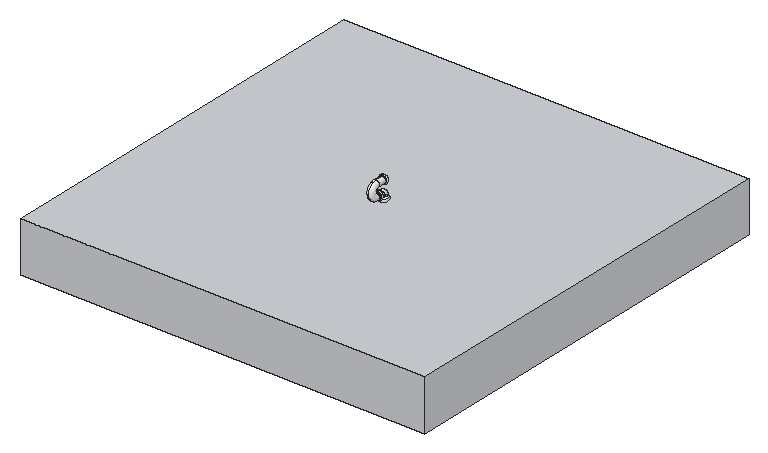
Revit family
Parameters (values of type "8089CNC")
  Waste Connection = yes
  Warranty Information = "15 Year Limited Warranty"
  WFU = 0
  Vent Connection = no
  URL = "http://products.mcguiremfg.com/"
  Type Comments = ""
  Specification = "P-trap shall be chrome plated cast brass body without cleanout, cast brass ground joint elbow and cast brass slip nut. No reducing washers. With (Shallow, deep, bell) (steel, brass) or (forged brass with set screw) flange. P-Trap shall be Mcguire 8089CNC. Trap shall be certified by CSA or other recognized testing authority. P-Trap shall bear manufacturer and testing mark. "
  Shipping Weight = "1.8 lbs"
  Product Page URL = "http://products.mcguiremfg.com/inventoryD.asp?item_no=8089CNC&CatId={2CD6C6E2-ACDF-48EB-909C-1B40A85DEF54}"
  Product Documentation Link = "http://products.mcguiremfg.com/pdf/8088_8089_8090_1207_1208.pdf"
  Price = "Prices may vary. Please consult Manufacturer Representative for most up-to-date price list."  # constant formula
  Outlet Radius = 3/4"
  Outlet Diameter = Outlet Radius * 2  # 1 1/2"
  Omniclass Table 23 Title = "Drains (Wastes)"  # constant formula
  Omniclass Table 23 Code = "23.45.55.21"  # constant formula
  Model = "8089CNC"
  Material = Cast Brass-McGuire-Chrome Plated
  Masterformat Title = "Sanitary Waste and Vent Piping"  # constant formula
  Masterformat Number = "22.12.00"  # constant formula
  Manufacturer = "McGuire "
  Length = 4 1/4"
  Inlet Radius = 5/8"
  Inlet Diameter = Inlet Radius * 2  # 1 1/4"
  Height = 5 3/8"
  HWFU = 0
  HW Connection = no
  Description = "1 1/2 x 1 1/2 IPS chrome finish with a steel shallow flange. Heavy cast brass adjustable trap with no cleanout plug. Furnished with cast brass ground joint elbow and slip nuts. 2 inch minimum water seal. Federal Spec. WWP-543"
  Default Elevation = 0"
  Creation Date = "01/28/2015"  # constant formula
  CWFU = 0
  CW Connection = no
  Assembly Code = "D2030100"
Reference planes (in)
  plane 1 "Center (Front/Back)": y = 0
  plane 2: z = 0
  plane 3 "Center (Left/Right)": x = 0
  plane 4: z = 4.25
  plane 5: z = 2.875
  plane 6: y = 0.75
  plane 7: y = -4.625
  plane 8: y = 0.375
Forms (in)
  Extrusion 1, solid
    sketch origin (0, 0, 0) x (1, 0, 0) y (0, 1, 0)
      loop
        line (-48, 48) -> (-48, -48) -> (48, -48) -> (48, 48) -> (-48, 48)
    from 0 to -12
  Sweep 2, solid, material "Cast Brass-McGuire-Chrome Plated" <- "Material"
    path origin (0, 0, -5.75) x (0, 0, -1) y (0, 1, 0)
      loop
        line (-7.25, -1.58173) -> (-7.25, -2.502)
        arc (-7.25, -2.502) -> (-8.625, -3.877) -> (-10, -2.502) r 1.375
        line (-10, -2.502) -> (-10, -0.1489)
    profile origin (0, -2.04186, 1.5) x (0, 0, -1) y (1, 0, 0)
      loop
        circle (0, 0) r 0.75
      loop
        circle (0, 0) r 0.6962
  Revolve 3, solid, material "Cast Brass-McGuire-Chrome Plated" <- "Material"
    sketch origin (0, 0, -5.85128) x (0, 0, -1) y (0, 1, 0)
      loop
        line (-5.85128, 0) -> (-5.85128, 0.75) -> (-6.35128, 0.75)
        arc (-6.35128, 0.75) -> (-6.70704, 0.66206) -> (-7.06763, 0.59667) r 5.82594
        line (-7.06763, 0.59667) -> (-7.06763, 0) -> (-5.85128, 0)
      axis (-7.06763, 0) -> (-5.85128, 0)
    angle from 0 to 360
  Revolve 4, solid, material "Cast Brass-McGuire-Chrome Plated" <- "Material"
    sketch origin (0, 0, 0.00107) x (0, 0, -1) y (0, 1, 0)
      loop
        line (-1.49865, -2.09319) -> (-0.65117, -2.09319) -> (-0.65117, -1.99152)
        arc (-0.65117, -1.99152) -> (-0.50844, -1.75024) -> (-0.72255, -1.56929) r 0.21715
        line (-0.72255, -1.56929) -> (-1.49865, -1.56929) -> (-1.49865, -2.09319)
      axis (-1.49865, -2.09319) -> (-1.49865, -1.56929)
    angle from 0 to 360
  Sweep 5, solid, material "Cast Brass-McGuire-Chrome Plated" <- "Material"
    path origin (0, 0, 0.00107) x (0, 0, -1) y (0, 1, 0)
      loop
        line (0.00107, 0) -> (-0.49893, 0)
        arc (-0.49893, 0) -> (-1.20604, -0.29289) -> (-1.49893, -1) r 1
        line (-1.49893, -1) -> (-1.49893, -2.09319)
    profile origin (0, 0, 0.25) x (0, -1, 0) y (1, 0, 0)
      loop
        circle (0, 0) r 0.75
  Revolve 6, solid, material "Cast Brass-McGuire-Chrome Plated" <- "Material"
    sketch origin (0, -0.375, 0.00107) x (0, 0, -1) y (0, 1, 0)
      loop
        line (-3.59773, -0.1489) -> (-3.40146, -0.1489) -> (-3.40146, -0.04723)
        arc (-3.40146, -0.04723) -> (-3.28227, 0.20266) -> (-3.49893, 0.375) r 0.22237
        line (-3.49893, 0.375) -> (-3.59773, 0.375) -> (-3.59773, -0.1489)
      axis (-4.24893, 0.375) -> (-4.24893, -0.1489)
    angle from 0 to 360
  Revolve 7, solid, material "Cast Brass-McGuire-Chrome Plated" <- "Material"
    sketch origin (0, 0.07031, 0) x (0, 1, 0) y (0, 0, 1)
      loop
        line (-0.25386, 0) -> (0.82033, 0) -> (0.82033, 0.47593) -> (0.58282, 0.79111) -> (-0.25386, 0.79111) -> (-0.25386, 0)
      axis (-0.25386, 0.79111) -> (-0.25386, 0)
    angle from 0 to 360
Cuts and joins
  joined: Sweep 2, Revolve 3, Revolve 4, Sweep 5, Revolve 6, Revolve 7
Lines and regions (in)
  Masking region 1
    outline origin (0, 0, 0.00107) x (0, 0, -1) y (0, 1, 0)
      loop
        line (0.00107, -1.25772) -> (0.00107, 0.89064) -> (-0.47487, 0.89064) -> (-0.70791, 0.72746) -> (-1.21528, 0.59667)
        arc (-1.21528, 0.59667) -> (-1.84203, 0.17113) -> (-2.2488, -0.46795) r 1.87188
        line (-2.2488, -0.46795) -> (-2.2488, -1.56925) -> (-2.28005, -1.56925)
        arc (-2.28005, -1.56925) -> (-2.49375, -1.75211) -> (-2.34613, -1.99152) r 0.21631
        line (-2.34613, -1.99152) -> (-2.34613, -2.09319) -> (-2.24893, -2.09319) -> (-2.24893, -2.49436)
        arc (-2.24893, -2.49436) -> (-2.87393, -3.11936) -> (-3.49893, -2.49436) r 0.625
        line (-3.49893, -2.49436) -> (-3.49893, -0.5239) -> (-3.40146, -0.5239) -> (-3.40146, -0.42223)
        arc (-3.40146, -0.42223) -> (-3.29634, -0.17559) -> (-3.49893, 0) r 0.2276
        line (-3.49893, 0) -> (-4.99893, 0)
        arc (-4.99893, 0) -> (-5.2017, -0.17555) -> (-5.09641, -0.42223) r 0.22752
        line (-5.09641, -0.42223) -> (-5.09641, -0.5239) -> (-4.99893, -0.5239) -> (-4.99893, -2.50052)
        arc (-4.99893, -2.50052) -> (-2.87393, -4.62552) -> (-0.74893, -2.50052) r 2.125
        line (-0.74893, -2.50052) -> (-0.74893, -2.09319) -> (-0.65117, -2.09319) -> (-0.65117, -1.99152)
        arc (-0.65117, -1.99152) -> (-0.50806, -1.75274) -> (-0.7174, -1.56925) r 0.21721
        line (-0.7174, -1.56925) -> (-0.74865, -1.56925) -> (-0.74865, -1.32022)
        arc (-0.74865, -1.32022) -> (-0.73035, -1.27603) -> (-0.68615, -1.25772) r 0.0625
        line (-0.68615, -1.25772) -> (0.00107, -1.25772)
  Masking region 2
    outline origin (0, 0, 0) x (1, 0, 0) y (0, 1, 0)
      loop
        line (-0.75, -2.09319) -> (-0.75, -3.87392)
        arc (-0.75, -3.87392) -> (0, -4.62392) -> (0.75, -3.87392) r 0.75
        line (0.75, -3.87392) -> (0.75, -2.09319) -> (0.84748, -2.09319) -> (0.84748, -1.99152)
        arc (0.84748, -1.99152) -> (0.98715, -1.73691) -> (0.75, -1.56929) r 0.21807
        line (0.75, -1.56929) -> (0.75, -0.78494)
        arc (0.75, -0.78494) -> (0, 1.125) -> (-0.75, -0.78494) r 1.10223
        line (-0.75, -0.78494) -> (-0.75, -1.56929)
        arc (-0.75, -1.56929) -> (-0.98715, -1.73691) -> (-0.84748, -1.99152) r 0.21807
        line (-0.84748, -1.99152) -> (-0.84748, -2.09319) -> (-0.75, -2.09319)
  Masking region 3
    outline origin (0, 0, 0) x (1, 0, 0) y (0, 0, 1)
      loop
        line (1.125, 0) -> (1.125, 0.5)
        arc (1.125, 0.5) -> (0.96446, 0.70525) -> (0.78355, 0.8928) r 2.51602
        arc (0.78355, 0.8928) -> (0.99059, 1.52592) -> (0.75003, 2.14708) r 0.99094
        line (0.75003, 2.14708) -> (0.75003, 3.63388)
        arc (0.75003, 3.63388) -> (-0.00005, 5.2221) -> (-0.74997, 3.63381) r 0.97121
        line (-0.74997, 3.63381) -> (-0.74997, 2.14715)
        arc (-0.74997, 2.14715) -> (-0.99059, 1.52596) -> (-0.78355, 0.8928) r 0.99094
        arc (-0.78355, 0.8928) -> (-0.96446, 0.70525) -> (-1.125, 0.5) r 2.51602
        line (-1.125, 0.5) -> (-1.125, 0) -> (1.125, 0)
  symbolic lines, style "PlumbingFixtures", detail levels medium+fine
    curve 1: line (-3.32038, -0.40343, 3.40252) -> (-3.32038, -0.40343, 5.09748)
    curve 2: line (-3.32038, -0.5051, 5) -> (-3.32038, -0.5051, 3.5)
    curve 3: line (-3.32038, -1.99152, 0.65224) -> (-3.32038, -1.99152, 2.3472)
    curve 4: line (-3.32038, -2.09319, 2.25) -> (-3.32038, -2.09319, 0.75)
    curve 5: line (-3.32038, -1.56925, 2.25001) -> (-3.32038, -1.56925, 0.74972)
    curve 6: line (0, 0.8902, 0.47656) -> (0, -1.25772, 0.47656)
  symbolic lines, style "PlumbingFixtures", detail levels fine
    curve 7: spline (0, -1.94831, 0.71866) -> (0, -1.94311, 0.67073) -> (0, -1.92787, 0.62607) -> (0, -1.90363, 0.58772) -> (0, -1.87203, 0.55829) -> (0, -1.83524, 0.53979) -> (0, -1.79575, 0.53348) -> (0, -1.75627, 0.53979) -> (0, -1.71948, 0.55829) -> (0, -1.68788, 0.58772) -> (0, -1.66364, 0.62607) -> (0, -1.6484, 0.67073) -> (0, -1.6432, 0.71866) -> (0, -1.6484, 0.76659) -> (0, -1.66364, 0.81125) -> (0, -1.68788, 0.8496) -> (0, -1.71948, 0.87903) -> (0, -1.75627, 0.89753) -> (0, -1.79575, 0.90384) -> (0, -1.83524, 0.89753) -> (0, -1.87203, 0.87903) -> (0, -1.90363, 0.8496) -> (0, -1.92787, 0.81125) -> (0, -1.94311, 0.76659) -> (0, -1.94831, 0.71866)
    curve 8: spline (0, -1.94831, 2.28134) -> (0, -1.94311, 2.32927) -> (0, -1.92787, 2.37393) -> (0, -1.90363, 2.41228) -> (0, -1.87203, 2.44171) -> (0, -1.83524, 2.46021) -> (0, -1.79575, 2.46652) -> (0, -1.75627, 2.46021) -> (0, -1.71948, 2.44171) -> (0, -1.68788, 2.41228) -> (0, -1.66364, 2.37393) -> (0, -1.6484, 2.32927) -> (0, -1.6432, 2.28134) -> (0, -1.6484, 2.23341) -> (0, -1.66364, 2.18875) -> (0, -1.68788, 2.1504) -> (0, -1.71948, 2.12097) -> (0, -1.75627, 2.10247) -> (0, -1.79575, 2.09616) -> (0, -1.83524, 2.10247) -> (0, -1.87203, 2.12097) -> (0, -1.90363, 2.1504) -> (0, -1.92787, 2.18875) -> (0, -1.94311, 2.23341) -> (0, -1.94831, 2.28134)
    curve 9: spline (0, -1.94831, 1.49972) -> (0, -1.94311, 1.57776) -> (0, -1.92787, 1.65048) -> (0, -1.90363, 1.71293) -> (0, -1.87203, 1.76084) -> (0, -1.83524, 1.79096) -> (0, -1.79575, 1.80124) -> (0, -1.75627, 1.79096) -> (0, -1.71948, 1.76084) -> (0, -1.68788, 1.71293) -> (0, -1.66364, 1.65048) -> (0, -1.6484, 1.57776) -> (0, -1.6432, 1.49972) -> (0, -1.6484, 1.42168) -> (0, -1.66364, 1.34896) -> (0, -1.68788, 1.28651) -> (0, -1.71948, 1.23859) -> (0, -1.75627, 1.20847) -> (0, -1.79575, 1.1982) -> (0, -1.83524, 1.20847) -> (0, -1.87203, 1.23859) -> (0, -1.90363, 1.28651) -> (0, -1.92787, 1.34896) -> (0, -1.94311, 1.42168) -> (0, -1.94831, 1.49972)
    curve 10: spline (0, -0.36026, 3.48442) -> (0, -0.35507, 3.43969) -> (0, -0.33983, 3.398) -> (0, -0.31558, 3.36221) -> (0, -0.28399, 3.33474) -> (0, -0.24719, 3.31748) -> (0, -0.20771, 3.31159) -> (0, -0.16823, 3.31748) -> (0, -0.13143, 3.33474) -> (0, -0.09984, 3.36221) -> (0, -0.07559, 3.398) -> (0, -0.06035, 3.43969) -> (0, -0.05515, 3.48442) -> (0, -0.06035, 3.52915) -> (0, -0.07559, 3.57084) -> (0, -0.09984, 3.60663) -> (0, -0.13143, 3.6341) -> (0, -0.16823, 3.65136) -> (0, -0.20771, 3.65725) -> (0, -0.24719, 3.65136) -> (0, -0.28399, 3.6341) -> (0, -0.31558, 3.60663) -> (0, -0.33983, 3.57084) -> (0, -0.35507, 3.52915) -> (0, -0.36026, 3.48442)
    curve 11: spline (0, -0.36026, 4.24985) -> (0, -0.35507, 4.32789) -> (0, -0.33983, 4.40061) -> (0, -0.31558, 4.46306) -> (0, -0.28399, 4.51098) -> (0, -0.24719, 4.5411) -> (0, -0.20771, 4.55137) -> (0, -0.16823, 4.5411) -> (0, -0.13143, 4.51098) -> (0, -0.09984, 4.46306) -> (0, -0.07559, 4.40061) -> (0, -0.06035, 4.32789) -> (0, -0.05515, 4.24985) -> (0, -0.06035, 4.17182) -> (0, -0.07559, 4.09909) -> (0, -0.09984, 4.03665) -> (0, -0.13143, 3.98873) -> (0, -0.16823, 3.95861) -> (0, -0.20771, 3.94833) -> (0, -0.24719, 3.95861) -> (0, -0.28399, 3.98873) -> (0, -0.31558, 4.03665) -> (0, -0.33983, 4.09909) -> (0, -0.35507, 4.17182) -> (0, -0.36026, 4.24985)
    curve 12: spline (0, -0.36026, 5.01558) -> (0, -0.35507, 5.06031) -> (0, -0.33983, 5.102) -> (0, -0.31558, 5.13779) -> (0, -0.28399, 5.16526) -> (0, -0.24719, 5.18252) -> (0, -0.20771, 5.18841) -> (0, -0.16823, 5.18252) -> (0, -0.13143, 5.16526) -> (0, -0.09984, 5.13779) -> (0, -0.07559, 5.102) -> (0, -0.06035, 5.06031) -> (0, -0.05515, 5.01558) -> (0, -0.06035, 4.97085) -> (0, -0.07559, 4.92916) -> (0, -0.09984, 4.89337) -> (0, -0.13143, 4.8659) -> (0, -0.16823, 4.84864) -> (0, -0.20771, 4.84275) -> (0, -0.24719, 4.84864) -> (0, -0.28399, 4.8659) -> (0, -0.31558, 4.89337) -> (0, -0.33983, 4.92916) -> (0, -0.35507, 4.97085) -> (0, -0.36026, 5.01558)
  symbolic lines, detail levels medium+fine
    curve 13: line (-0.75, -0.78494, 0) -> (-0.75, -0.1489, 0)
    curve 14: line (-0.75, -0.1489, 0) -> (-0.84748, -0.1489, 0)
    curve 15: line (-0.84748, -0.1489, 0) -> (-0.84748, -0.04723, 0)
    curve 16: line (0.75, -0.1489, 0) -> (0.84748, -0.1489, 0)
    curve 17: line (0.84748, -0.1489, 0) -> (0.84748, -0.04723, 0)
    curve 18: line (0.75, 0.375, 0) -> (-0.75, 0.375, 0)
    curve 19: arc (-0.75, 0.375, 0) -> (-0.96667, 0.20266, 0) -> (-0.84748, -0.04723, 0) r 0.22237
    curve 20: line (-0.75, -1.56929, 0) -> (-0.75, -2.09319, 0)
    curve 21: line (0.75, -2.09319, 0) -> (0.75, -1.56929, 0)
    curve 22: line (0.84748, -0.1489, 0) -> (0.84748, -0.04723, 0)
    curve 23: arc (0.75, 0.375, 0) -> (0.96667, 0.20266, 0) -> (0.84748, -0.04723, 0) r 0.22237
    curve 24: line (0.75, -0.78494, 0) -> (0.75, -0.1489, 0)
    curve 25: line (-0.84748, -0.04723, 0) -> (0.84748, -0.04723, 0)
    curve 26: line (0.75, -0.1489, 0) -> (-0.75, -0.1489, 0)
    curve 31: line (1.125, 0, 0.5) -> (-1.125, 0, 0.5)
    curve 33: arc (0.75003, 0, 3.63388) -> (0.00005, 0, 3.27581) -> (-0.74997, 0, 3.63381) r 0.96456
    curve 34: line (0.78355, 0, 0.8928) -> (0.78355, 0, 1.46488)
    curve 35: line (-0.78355, 0, 0.8928) -> (-0.78355, 0, 1.46488)
    curve 36: arc (0.75003, 0, 2.14708) -> (0.00005, 0, 2.49602) -> (-0.74997, 0, 2.14715) r 0.98054
    curve 37: arc (0.78355, 0, 1.46488) -> (0, 0, 2.24843) -> (-0.78355, 0, 1.46488) r 0.78355
    curve 38: circle (0, 0, 4.25) r 0.75 normal (0, 1, 0)
    curve 39: arc (0.63624, 0.375, 0) -> (0, 0.75, 0) -> (-0.63624, 0.375, 0) r 0.72723
  symbolic lines, detail levels fine
    curve 27: line (-0.84748, -1.99152, 0) -> (-0.75, -1.99152, 0)
    curve 28: line (0.84748, -1.99152, 0) -> (0.75, -1.99152, 0)
    curve 29: spline (0.44258, 0.30527, 0) -> (0.36672, 0.30007, 0) -> (0.29603, 0.28482, 0) -> (0.23533, 0.26056, 0) -> (0.18875, 0.22895, 0) -> (0.15947, 0.19214, 0) -> (0.14948, 0.15263, 0) -> (0.15947, 0.11313, 0) -> (0.18875, 0.07632, 0) -> (0.23533, 0.04471, 0) -> (0.29603, 0.02045, 0) -> (0.36672, 0.0052, 0) -> (0.44258, 0, 0) -> (0.51845, 0.0052, 0) -> (0.58914, 0.02045, 0) -> (0.64984, 0.04471, 0) -> (0.69642, 0.07632, 0) -> (0.7257, 0.11313, 0) -> (0.73569, 0.15263, 0) -> (0.7257, 0.19214, 0) -> (0.69642, 0.22895, 0) -> (0.64984, 0.26056, 0) -> (0.58914, 0.28482, 0) -> (0.51845, 0.30007, 0) -> (0.44258, 0.30527, 0)
    curve 30: spline (-0.44258, 0.30527, 0) -> (-0.36672, 0.30007, 0) -> (-0.29603, 0.28482, 0) -> (-0.23533, 0.26056, 0) -> (-0.18875, 0.22895, 0) -> (-0.15947, 0.19214, 0) -> (-0.14948, 0.15263, 0) -> (-0.15947, 0.11313, 0) -> (-0.18875, 0.07632, 0) -> (-0.23533, 0.04471, 0) -> (-0.29603, 0.02045, 0) -> (-0.36672, 0.0052, 0) -> (-0.44258, 0, 0) -> (-0.51845, 0.0052, 0) -> (-0.58914, 0.02045, 0) -> (-0.64984, 0.04471, 0) -> (-0.69642, 0.07632, 0) -> (-0.7257, 0.11313, 0) -> (-0.73569, 0.15263, 0) -> (-0.7257, 0.19214, 0) -> (-0.69642, 0.22895, 0) -> (-0.64984, 0.26056, 0) -> (-0.58914, 0.28482, 0) -> (-0.51845, 0.30007, 0) -> (-0.44258, 0.30527, 0)
    curve 32: arc (0.78355, 0, 0.8928) -> (0, 0, 1.02438) -> (-0.78355, 0, 0.8928) r 2.39867
Dimensions and locks (in)
  "Length": plane 4 to Extrusion 1
  plane 4 to plane 5 to Extrusion 1 = 1 3/8", 2 7/8"
  "Height": plane 6 to plane 7
  plane 1 "Center (Front/Back)" to plane 7 = 4 5/8"
  plane 8 to plane 7 = 5"
  aligned and locked: plane 2 to Extrusion 1
  aligned and locked: level to Extrusion 1
Automatic sketch dimensions
  curve 32 to plane 3 "Center (Left/Right)" = 0"
  curve 37 to plane 3 "Center (Left/Right)" = 0"
  curve 38 to plane 3 "Center (Left/Right)" = 0"
  curve 38 to plane 4 = 0"
  curve 36 to plane 3 "Center (Left/Right)" = 0.74997"
  curve 33 to plane 3 "Center (Left/Right)" = 0.74997"
  curve 35 to plane 3 "Center (Left/Right)" = 0.78355"
  curve 31 to curve 32 = 0.34145"
  plane 3 "Center (Left/Right)" to curve 33 = 0"
  plane 3 "Center (Left/Right)" to curve 36 = 0"
  curve 36 to curve 34 = 0.03352"
  plane 3 "Center (Left/Right)" to curve 33 = 0.75003"
  curve 34 to curve 31 = 0.34145"
  curve 33 to plane 4 = 0.00963"
  curve 33 to plane 4 = 0.61612"
  plane 5 to curve 36 = 0.72785"
  curve 36 to curve 33 = 1.48681"
  curve 35 to curve 36 = 0.68226"
  curve 34 to curve 37 = 0.57208"
  level to curve 31 = 1/2"
  curve 32 to level = 1.37429"
  Extrusion 1 sketch curve to Extrusion 1 sketch curve = 96"  (x2)
  Sweep 2 sketch curve to Sweep 2 sketch curve = 0"  (x2)
  Sweep 2 sketch curve to profile plane = 0"  (x2)
  Revolve 3 sketch curve to plane 1 "Center (Front/Back)" = 0"  (x2)
  Revolve 3 sketch curve to plane 6 = 0"
  Revolve 3 sketch curve to level = 0"
  Revolve 3 sketch curve to Revolve 3 sketch curve = 0.25847"
  Revolve 3 sketch curve to Revolve 3 sketch curve = 1/2"
  Revolve 3 sketch curve to Revolve 3 sketch curve = 0.95787"
  plane 5 to Revolve 3 sketch curve = 0.79984"
  Revolve 3 sketch curve to level = 0.16742"
  Revolve 3 sketch curve to Revolve 3 sketch curve = 0.59667"
  plane 5 to Revolve 4 sketch curve = 1.37528"
  Revolve 4 sketch curve to Revolve 4 sketch curve = 0"  (x2)
  level to Revolve 4 sketch curve = 0.72362"
  Revolve 4 sketch curve to Revolve 4 sketch curve = 0.07138"
  plane 1 "Center (Front/Back)" to Revolve 4 sketch curve = 2.09319"
  Revolve 4 sketch curve to Revolve 4 sketch curve = 0.10167"
  Revolve 4 sketch curve to Revolve 4 sketch curve = 0.20508"
  Revolve 4 sketch curve to Revolve 4 sketch curve = 0.04201"
  Sweep 5 sketch curve to plane 1 "Center (Front/Back)" = 0"
  Sweep 5 sketch curve to level = 0"
  Sweep 5 sketch curve to Sweep 5 sketch curve = 1/2"
  plane 1 "Center (Front/Back)" to Sweep 5 sketch curve = 1"
  Sweep 5 sketch curve to Sweep 5 sketch curve = 1.09319"
  Sweep 5 sketch curve to profile plane = 0"  (x2)
  Revolve 6 sketch curve to plane 4 = 0"
  Revolve 6 sketch curve to plane 8 = 3/8"
  plane 1 "Center (Front/Back)" to Revolve 6 sketch curve = 0.5239"
  Revolve 6 sketch curve to plane 4 = 0.6512"
  Revolve 6 sketch curve to Revolve 6 sketch curve = 0.0988"
  Revolve 6 sketch curve to Revolve 6 sketch curve = 0.19628"
  plane 1 "Center (Front/Back)" to Revolve 6 sketch curve = 0.42223"
  plane 1 "Center (Front/Back)" to Revolve 6 sketch curve = 33/128"
  Revolve 6 sketch curve to plane 8 = 0.40876"
  Masking region 3 sketch curve to Masking region 3 sketch curve = 0"  (x2)
  Masking region 3 sketch curve to level = 0"
  Masking region 3 sketch curve to plane 3 "Center (Left/Right)" = 0"  (x2)
  Masking region 3 sketch curve to plane 3 "Center (Left/Right)" = 0.74997"
  Masking region 3 sketch curve to plane 3 "Center (Left/Right)" = 0.78355"
  Masking region 3 sketch curve to plane 3 "Center (Left/Right)" = 0.93441"
  Masking region 3 sketch curve to Masking region 3 sketch curve = 0.34145"  (x2)
  plane 3 "Center (Left/Right)" to Masking region 3 sketch curve = 0.75003"
  plane 3 "Center (Left/Right)" to Masking region 3 sketch curve = 0.78355"
  plane 3 "Center (Left/Right)" to Masking region 3 sketch curve = 0.93441"
  Masking region 3 sketch curve to level = 0.94541"  (x2)
  Masking region 3 sketch curve to Masking region 3 sketch curve = 1/2"  (x2)
  Masking region 3 sketch curve to Masking region 3 sketch curve = 0.60665"
  Masking region 3 sketch curve to plane 4 = 0.61619"
  Masking region 3 sketch curve to Masking region 3 sketch curve = 1.48681"
  curve 39 to plane 3 "Center (Left/Right)" = 0"
  curve 39 to plane 8 = 0"
  curve 30 to plane 1 "Center (Front/Back)" = 0.15263"
  curve 30 to plane 3 "Center (Left/Right)" = 0.44258"
  curve 39 to curve 30 = 0.19365"
  curve 20 to plane 3 "Center (Left/Right)" = 3/4"
  curve 19 to curve 39 = 0.11376"
  curve 13 to plane 3 "Center (Left/Right)" = 3/4"
  plane 1 "Center (Front/Back)" to curve 25 = 0.04723"
  curve 25 to curve 13 = 0.09748"
  curve 27 to curve 27 = 0.09748"
  curve 29 to curve 39 = 0.19365"
  plane 3 "Center (Left/Right)" to curve 24 = 3/4"
  plane 3 "Center (Left/Right)" to curve 21 = 3/4"
  curve 39 to curve 23 = 0.11376"
  curve 16 to curve 23 = 0.09748"
  curve 28 to curve 28 = 0.09748"
  curve 20 to curve 21 = 0"
  curve 20 to curve 27 = 0.10167"
  curve 21 to curve 28 = 0.10167"
  curve 28 to curve 21 = 0.42223"
  curve 27 to curve 20 = 0.42223"
  curve 13 to curve 15 = 0.73772"
  curve 24 to curve 23 = 0.73772"
  curve 14 to curve 15 = 0.10167"
  curve 39 to plane 1 "Center (Front/Back)" = 0.02277"
  curve 29 to plane 1 "Center (Front/Back)" = 0.15263"
  curve 29 to plane 8 = 0.06973"
  curve 30 to plane 8 = 0.06973"
  plane 1 "Center (Front/Back)" to curve 1 = 0.40343"
  curve 1 to plane 5 = 0.52752"
  curve 2 to curve 1 = 0.09748"
  plane 1 "Center (Front/Back)" to curve 2 = 0.5051"
  plane 4 to curve 2 = 3/4"
  curve 1 to curve 2 = 0.09748"
  plane 5 to curve 3 = 0.5278"
  curve 3 to curve 5 = 0.09719"
  curve 3 to curve 4 = 0.0972"
  level to curve 4 = 3/4"
  curve 4 to curve 5 = 0.00028"
  curve 4 to curve 3 = 0.09776"
  plane 1 "Center (Front/Back)" to curve 4 = 2.09319"
  curve 4 to curve 3 = 0.10167"
  curve 3 to curve 5 = 0.42227"
  Revolve 7 sketch curve to level = 0"
  plane 1 "Center (Front/Back)" to Revolve 7 sketch curve = 0.18355"
  Revolve 7 sketch curve to Revolve 7 sketch curve = 0"
  Revolve 7 sketch curve to plane 6 = 0.09687"
  plane 6 to Revolve 7 sketch curve = 9/64"
  Revolve 7 sketch curve to Revolve 7 sketch curve = 0.47593"
  Revolve 7 sketch curve to Revolve 7 sketch curve = 0.65224"
  Revolve 7 sketch curve to Revolve 7 sketch curve = 0.13887"
  Revolve 7 sketch curve to Revolve 7 sketch curve = 0.11565"
  plane 1 "Center (Front/Back)" to curve 12 = 0.20771"
  plane 4 to curve 12 = 0.76558"
  curve 11 to plane 4 = 0.00015"
  plane 1 "Center (Front/Back)" to curve 10 = 0.20771"
  curve 10 to plane 5 = 0.60942"
  plane 5 to curve 8 = 0.59366"
  curve 8 to curve 9 = 0.78162"
  level to curve 7 = 0.71866"
  plane 6 to curve 6 = 0.1402"
  level to curve 6 = 61/128"
  plane 1 "Center (Front/Back)" to curve 10 = 0.36026"
  plane 1 "Center (Front/Back)" to curve 11 = 0.36026"
  plane 1 "Center (Front/Back)" to curve 12 = 0.36026"
  plane 1 "Center (Front/Back)" to curve 6 = 1.25772"
  curve 9 to curve 6 = 0.53803"
  curve 7 to curve 6 = 0.53803"
  curve 8 to curve 9 = 0"
  curve 9 to curve 9 = 0.15255"
  curve 7 to curve 7 = 0.15255"
  curve 8 to curve 8 = 0.15255"
  plane 1 "Center (Front/Back)" to curve 11 = 0.20771"
  Sweep 2 sketch curve to plane 4 = 0"
  plane 5 to Sweep 2 sketch curve = 0"
  plane 7 to Sweep 2 sketch curve = 2.123"
  Sweep 2 sketch curve to Sweep 2 sketch curve = 0.92028"
  plane 1 "Center (Front/Back)" to Sweep 2 sketch curve = 0.1489"
  Masking region 1 sketch curve to plane 1 "Center (Front/Back)" = 0"
  plane 5 to Masking region 1 sketch curve = 0"  (x2)
  Masking region 1 sketch curve to level = 0"
  Masking region 1 sketch curve to plane 5 = 0.52752"
  Masking region 1 sketch curve to plane 5 = 5/8"
  Masking region 1 sketch curve to Masking region 1 sketch curve = 0.09748"  (x2)
  Masking region 1 sketch curve to Masking region 1 sketch curve = 0.01917"
  plane 1 "Center (Front/Back)" to Masking region 1 sketch curve = 0.22674"
  plane 4 to Masking region 1 sketch curve = 0.73107"
  Masking region 1 sketch curve to Masking region 1 sketch curve = 0.01893"  (x2)
  Masking region 1 sketch curve to Masking region 1 sketch curve = 0.0972"
  Masking region 1 sketch curve to Masking region 1 sketch curve = 0.06608"
  Masking region 1 sketch curve to Masking region 1 sketch curve = 1/32"  (x2)
  Masking region 1 sketch curve to plane 6 = 0.15333"
  level to Masking region 1 sketch curve = 1.21634"
  level to Masking region 1 sketch curve = 0.74972"
  Masking region 1 sketch curve to Masking region 1 sketch curve = 0.026"
  Masking region 1 sketch curve to plane 6 = 0.02254"
  Masking region 1 sketch curve to Masking region 1 sketch curve = 0.50736"
  Masking region 1 sketch curve to Masking region 1 sketch curve = 1/16"
  Masking region 1 sketch curve to Masking region 1 sketch curve = 0.09776"
  Masking region 1 sketch curve to Masking region 1 sketch curve = 0.18722"
  plane 6 to Masking region 1 sketch curve = 9/64"
  Masking region 1 sketch curve to Masking region 1 sketch curve = 0.23305"
  plane 1 "Center (Front/Back)" to Masking region 1 sketch curve = 0.46795"
  Masking region 1 sketch curve to Masking region 1 sketch curve = 0.10167"  (x4)
  plane 1 "Center (Front/Back)" to Masking region 1 sketch curve = 0.5239"
  Masking region 1 sketch curve to Masking region 1 sketch curve = 1/8"
  Masking region 1 sketch curve to Masking region 1 sketch curve = 1.10129"
  Masking region 1 sketch curve to Masking region 1 sketch curve = 0.24903"
  Masking region 1 sketch curve to Masking region 1 sketch curve = 0.21631"
  Masking region 1 sketch curve to Masking region 1 sketch curve = 0.21715"
  Masking region 1 sketch curve to Masking region 1 sketch curve = 0.40117"
  Masking region 1 sketch curve to Masking region 1 sketch curve = 0.00616"
  Masking region 2 sketch curve to plane 3 "Center (Left/Right)" = 0"  (x2)
  Masking region 2 sketch curve to plane 3 "Center (Left/Right)" = 3/4"
  Masking region 2 sketch curve to Masking region 2 sketch curve = 0"  (x2)
  Masking region 2 sketch curve to Masking region 2 sketch curve = 0.02467"  (x2)
  Masking region 2 sketch curve to Masking region 2 sketch curve = 0.09748"  (x2)
  plane 3 "Center (Left/Right)" to Masking region 2 sketch curve = 3/4"
  plane 7 to Masking region 2 sketch curve = 0.75108"
  Masking region 2 sketch curve to Masking region 2 sketch curve = 1.78074"
  Masking region 2 sketch curve to Masking region 2 sketch curve = 0.10167"  (x2)
  Masking region 2 sketch curve to Masking region 2 sketch curve = 0.20556"  (x2)
  Masking region 2 sketch curve to Masking region 2 sketch curve = 0.78435"
  Masking region 2 sketch curve to plane 1 "Center (Front/Back)" = 0.02277"
  curve 21 to curve 24 = 0.78435"
  radius of curve 38 = 3/4"
  radius of Sweep 2 sketch curve = 3/4"
  radius of Sweep 2 sketch curve = 0.6962"
  radius of Sweep 5 sketch curve = 3/4"
Connectors (in)
  piping at (0, 0, 4.25), driven by "Inlet Radius"
    settings: on cut or joined group of Sweep 2, Revolve 3, Revolve 4, Sweep 5, Revolve 6, Revolve 7, index 2
  piping at (0, -0.09177, 0), driven by "Outlet Radius", driven by "WFU"
    settings: on cut or joined group of Sweep 2, Revolve 3, Revolve 4, Sweep 5, Revolve 6, Revolve 7, index 3
